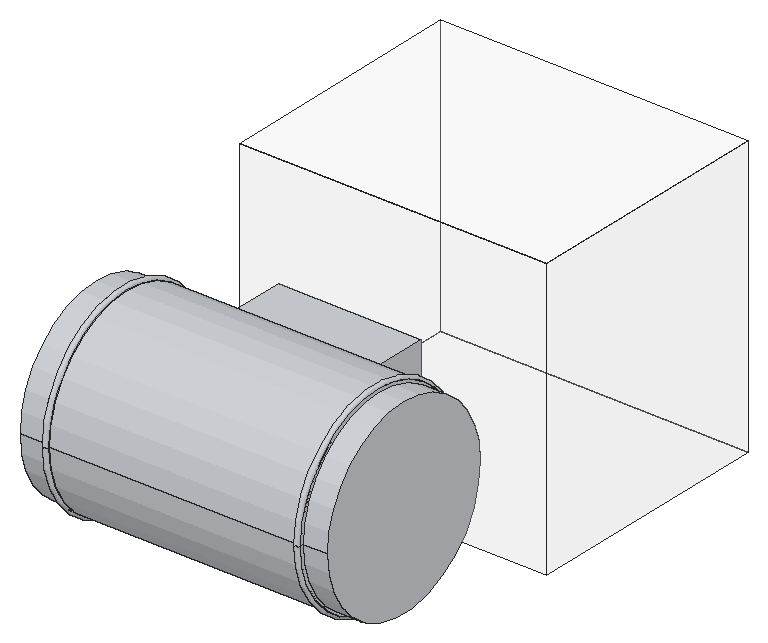
Revit family "SA_VAV", category ダクト付属品, Revit 2022
Family settings
  丸型コネクタ寸法 = 直径を使用
  パーツ タイプ = 割り込み
  OmniClass 番号 = 23.75.00.00
  OmniClass タイトル = Climate Control (HVAC)
  作業面ベース = いいえ
  常に垂直 = はい
  ロード時にボイドで切り取り = いいえ
  共有 = いいえ
Parameters (values of type "MW型")
  風量 [instance] = 0.0 L/s
  静圧 [instance] = 0.0 Pa
  Description = ""
  記号 [instance] = ""
  系統 = ""
  符号 = "可変風量ユニット"
  種別 = ""
  機器メーカー名 = "協立エアテック"
  既定の高さ = 0 mm
  接続部 [instance] = ダクト径 - 10 mm  # 340 mm
  形式 = "MW型"
  対象室 [instance] = ""
  呼称 = "VAV"
  メンテナンススペース [instance] = yes
  メンテ_W [instance] = ダクト径 * 2  # 700 mm
  メンテ_H [instance] = ダクト径  # 350 mm
  メンテ_D [instance] = ダクト径  # 350 mm
  ダクト径 [instance] = 350 mm
  VAV長さ [instance] = if(ダクト径 > 200 mm, 550 mm, 450 mm)  # 550 mm
  ダクト半径 [instance] = ダクト径 / 2  # 175 mm
  Type Comments = ""
  MIN風量 = 0.0 L/s
  MIN静圧 = 0.0 Pa
  MAX風量 = 0.0 L/s
  MAX静圧 = 0.0 Pa
  2D [instance] = yes
Reference planes
  plane 1 "中心(正面/背面)": y = 0
  plane 2: z = 0
  plane 3 "中心(左/右)": x = 0
  plane 4 "長_左": x = -275
  plane 5 "長-右": x = 275
  plane 6 "紐-右": x = 230
  plane 7: y = 175
  plane 8: y = 175
  plane 9: y = 175
  plane 10 "制御-あ": y = 175
  plane 11 "制御-い": y = 320
  plane 12 "制御-端": x = -205
  plane 13 "紐-左": x = -230
  plane 14: y = -106.315
Forms (mm)
  Revolve 1, solid
    sketch origin (0, 0, 0) x (1, 0, 0) y (0, 1, 0)
      loop
        line (-230, 175) -> (-230, 0) -> (230, 0) -> (230, 175) -> (-230, 175)
      axis (-230, 0) -> (230, 0)
    angle from 0 to 360
  Extrusion 2, solid
    sketch origin (-36.5, 45, 0) x (1, 0, 0) y (0, 1, 0)
      loop
        line (-168.5, 275) -> (-168.5, 130) -> (86.5, 130) -> (86.5, 275) -> (-168.5, 275)
    from -50 to 50
  Revolve 3, solid
    sketch origin (-340, 0, 0) x (1, 0, 0) y (0, 1, 0)
      loop
        arc (120, 175) -> (115, 180) -> (110, 175) r 5
        line (110, 175) -> (110, 0) -> (120, 0) -> (120, 175)
      axis (120, 0) -> (110, 0)
    angle from 0 to 360
  Revolve 4, solid
    sketch origin (-340, 0, 0) x (1, 0, 0) y (0, 1, 0)
      loop
        arc (570, 175) -> (565, 180) -> (560, 175) r 5
        line (560, 175) -> (560, 0) -> (570, 0) -> (570, 175)
      axis (570, 0) -> (560, 0)
    angle from 0 to 360
  Extrusion 5, solid
    sketch origin (0, 0, 0) x (0, 1, 0) y (0, 0, 1)
      loop
        circle (0, 0) r 170
    from 230 to 275
  Extrusion 6, solid
    sketch origin (0, 0, 0) x (0, 1, 0) y (0, 0, 1)
      loop
        circle (0, 0) r 170
    from -275 to -230
Lines and regions (mm)
  model lines, style "メンテナンススペース", visible <- "メンテナンススペース"
    curve 1: line (-275, 770, 0) -> (275, 320, 0)
    curve 2: line (275, 770, 0) -> (-275, 320, 0)
Dimensions and locks
  "ダクト半径": plane 1 "中心(正面/背面)" to plane 7
  "ダクト半径": plane 8 to plane 1 "中心(正面/背面)"
  "ダクト半径": plane 1 "中心(正面/背面)" to plane 9
  "ダクト半径": plane 1 "中心(正面/背面)" to plane 10 "制御-あ"
  locked: plane 11 "制御-い" to plane 10 "制御-あ" at 145
  locked: Extrusion 2 to Extrusion 2 at 255
  locked: Revolve 4 sketch curve to Revolve 4 sketch curve at 10
  locked: plane 6 "紐-右" to plane 5 "長-右" at 45
  locked: Revolve 3 sketch curve to Revolve 3 sketch curve at 10
  locked: plane 4 "長_左" to plane 12 "制御-端" at 70
  locked: plane 4 "長_左" to plane 13 "紐-左" at 45
  "ダクト径": plane 10 "制御-あ" to nested 2
  equal spacing: plane 10 "制御-あ", plane 1 "中心(正面/背面)", nested 2
  equal spacing: plane 13 "紐-左", plane 3 "中心(左/右)", plane 6 "紐-右"
  "VAV長さ": plane 4 "長_左" to plane 5 "長-右"
  "接続部": diameter of Extrusion 5 sketch curve
  "接続部": diameter of Extrusion 6 sketch curve
  aligned and locked: level to plane 2
  aligned and locked: Revolve 1 sketch curve to plane 7
  aligned and locked: Extrusion 2 to plane 10 "制御-あ"
  aligned and locked: plane 11 "制御-い" to Extrusion 2
  aligned and locked: Extrusion 2 to plane 12 "制御-端"
  aligned and locked: plane 6 "紐-右" to Revolve 4 sketch curve
  aligned and locked: plane 3 "中心(左/右)" to nested 1
  aligned and locked: nested 1 to plane 11 "制御-い"
  aligned and locked: nested 1 to curve 2
  aligned and locked: curve 2 to nested 1
  aligned and locked: nested 1 to curve 1  (x2)
  aligned and locked: plane 13 "紐-左" to Revolve 3 sketch curve
  aligned and locked: nested 2 to plane 13 "紐-左"
  aligned and locked: plane 6 "紐-右" to nested 2
  aligned and locked: nested 2 to plane 10 "制御-あ"
  aligned and locked: Revolve 1 to plane 6 "紐-右"
  aligned and locked: Extrusion 5 to plane 5 "長-右"
  aligned and locked: Extrusion 5 to plane 6 "紐-右"
  aligned and locked: plane 4 "長_左" to Extrusion 6
  aligned and locked: Extrusion 6 to plane 13 "紐-左"
Automatic sketch dimensions
  Extrusion 2 sketch curve to plane 3 "中心(左/右)" = 205 mm
  plane 3 "中心(左/右)" to Extrusion 2 sketch curve = 50 mm
  plane 10 "制御-あ" to Extrusion 2 sketch curve = 145 mm
  curve 1 to plane 5 "長-右" = 0 mm
  curve 2 to plane 11 "制御-い" = 0 mm
  plane 11 "制御-い" to curve 2 = 450 mm
  curve 1 to curve 2 = 0 mm
  Extrusion 2 sketch curve to plane 10 "制御-あ" = 0 mm
  Extrusion 5 sketch curve to level = 0 mm
  Extrusion 5 sketch curve to plane 1 "中心(正面/背面)" = 0 mm
  Revolve 1 sketch curve to plane 13 "紐-左" = 0 mm
  plane 1 "中心(正面/背面)" to Revolve 1 sketch curve = 0 mm  (x2)
  Revolve 1 sketch curve to plane 6 "紐-右" = 0 mm
  Revolve 1 sketch curve to plane 5 "長-右" = 0 mm
  Revolve 1 sketch curve to plane 3 "中心(左/右)" = 50 mm
  plane 1 "中心(正面/背面)" to Revolve 3 sketch curve = 0 mm  (x2)
  Revolve 3 sketch curve to plane 9 = 0 mm
  Revolve 3 sketch curve to Revolve 3 sketch curve = 1.321 mm
  plane 3 "中心(左/右)" to Revolve 3 sketch curve = 33.679 mm
  plane 1 "中心(正面/背面)" to Revolve 4 sketch curve = 0 mm  (x2)
  Revolve 4 sketch curve to plane 8 = 0 mm
  Revolve 4 sketch curve to plane 3 "中心(左/右)" = 26.321 mm
  Revolve 4 sketch curve to Revolve 4 sketch curve = 3.679 mm
  Extrusion 6 sketch curve to level = 0 mm
  Extrusion 6 sketch curve to plane 1 "中心(正面/背面)" = 0 mm
Nested families
  nested 1: "メンテナンススペース" at (0, 545, 0), visible <- "メンテナンススペース", type "サービススペース"
    with Width 550 mm, Depth 450 mm
  nested 2: "塗り潰し" at (0, 0, 0), type "塗り潰し"
    with W 460 mm, D 350 mm
  nested 3: "文字ファミリ_一般注釈" at (543.431, 313.007, 0), visible <- "2D", type "文字ファミリ_一般注釈"
Connectors
  hvac at (230, 0, 0), driven by "ダクト径", driven by "風量"
    settings: index 1, duct flow 0.0 L/s, flow factor 0, pres drop 0.0 Pa, loss coef 0, conn angle 0.00°, conn width 304.8 mm, conn height 304.8 mm, conn diameter 350 mm, duct sys type 29, conn prof type 0, flow config 0, flow direction 1, loss method 0, conn ref index 2, conn util no, is conn primary yes, conn desc ""
  hvac at (-230, 0, 0), driven by "ダクト径", driven by "風量"
    settings: index 2, duct flow 0.0 L/s, flow factor 0, pres drop 0.0 Pa, loss coef 0, conn angle 0.00°, conn width 304.8 mm, conn height 304.8 mm, conn diameter 350 mm, duct sys type 29, conn prof type 0, flow config 0, flow direction 2, loss method 0, conn ref index 1, conn util no, is conn primary no, conn desc ""
Definition of nested family "メンテナンススペース"
  Parameters (values of type "サービススペース")
    Default Elevation = 0 mm
    Width = 500 mm
    Height = 500 mm
    Depth = 500 mm
  Reference planes
    plane 1 "中心(正面/背面)": y = 0
    plane 2: z = 0
    plane 3 "中心(左/右)": x = 0
    plane 4: y = -250
    plane 5: x = 250
    plane 6: y = 250
    plane 7: x = -250
    plane 8: z = 250
    plane 9: z = -250
  Forms (mm)
    Extrusion 1, solid
      sketch origin (-638.939, 0, 72.39) x (1, 0, 0) y (0, 1, 0)
        loop
          line (388.939, 250) -> (388.939, -250) -> (888.939, -250) -> (888.939, 250) -> (388.939, 250)
      from -322.39 to 177.61
  Lines and regions (mm)
    symbolic lines
      curve 1: line (-250, 0, 250) -> (250, 0, 250)
      curve 2: line (-250, 0, -250) -> (-250, 0, 250)
      curve 3: line (250, 0, -250) -> (-250, 0, -250)
      curve 4: line (250, 0, 250) -> (250, 0, -250)
      curve 5: line (0, -250, 250) -> (0, 250, 250)
      curve 6: line (0, -250, -250) -> (0, -250, 250)
      curve 7: line (0, 250, -250) -> (0, -250, -250)
      curve 8: line (0, 250, 250) -> (0, 250, -250)
      curve 9: line (-250, 250, 0) -> (250, 250, 0)
      curve 10: line (-250, -250, 0) -> (-250, 250, 0)
      curve 11: line (250, -250, 0) -> (-250, -250, 0)
      curve 12: line (250, 250, 0) -> (250, -250, 0)
  Dimensions and locks
    equal spacing: plane 7, plane 3 "中心(左/右)", plane 5
    equal spacing: plane 4, plane 1 "中心(正面/背面)", plane 6
    "Depth": plane 4 to plane 6
    "Width": plane 7 to plane 5
    equal spacing: plane 8, plane 2, plane 9
    "Height": plane 8 to plane 9
    aligned and locked: plane 9 to curve 3
    aligned and locked: plane 7 to curve 2
    aligned and locked: curve 4 to plane 5
    aligned and locked: plane 5 to Extrusion 1
    aligned and locked: Extrusion 1 to plane 7
    aligned and locked: Extrusion 1 to plane 9
    aligned and locked: plane 8 to Extrusion 1
    aligned and locked: plane 9 to curve 7
  Automatic sketch dimensions
    plane 4 to Extrusion 1 sketch curve = 0 mm
    Extrusion 1 sketch curve to plane 7 = 0 mm
    Extrusion 1 sketch curve to plane 5 = 0 mm
    plane 6 to Extrusion 1 sketch curve = 0 mm
    curve 2 to plane 8 = 0 mm
    plane 4 to curve 11 = 0 mm
    curve 11 to plane 7 = 0 mm
    curve 11 to plane 5 = 0 mm
    plane 6 to curve 10 = 0 mm
    curve 7 to plane 4 = 0 mm
    curve 7 to plane 6 = 0 mm
    curve 6 to plane 8 = 0 mm
Definition of nested family "塗り潰し"
  Parameters (values of type "塗り潰し")
    W [instance] = 200 mm
    D [instance] = 200 mm
  Reference planes
    plane 1 "中心(正面/背面)": y = 0
    plane 2: z = 0
    plane 3 "中心(左/右)": x = 0
    plane 4: x = -100
    plane 5: x = 100
    plane 6: y = 100
    plane 7: y = -100
  Lines and regions (mm)
    Filled region 1, type "塗り潰し", in view "参照レベル"
      outline origin (0, 0, 0) x (1, 0, 0) y (0, 1, 0)
        loop
          line (100, -100) -> (100, 100) -> (-100, 0) -> (100, -100)
  Dimensions and locks
    equal spacing: plane 7, plane 1 "中心(正面/背面)", plane 6
    "D": plane 7 to plane 6
    equal spacing: plane 4, plane 3 "中心(左/右)", plane 5
    "W": plane 4 to plane 5
  Automatic sketch dimensions
    Filled region 1 sketch curve to plane 5 = 0 mm
    plane 7 to Filled region 1 sketch curve = 0 mm
    plane 1 "中心(正面/背面)" to Filled region 1 sketch curve = 0 mm
    plane 6 to Filled region 1 sketch curve = 0 mm
    Filled region 1 sketch curve to plane 4 = 0 mm
Definition of nested family "文字ファミリ_一般注釈"
  Parameters (values of type "文字ファミリ_一般注釈")
    文字 = ""
  Reference planes
    plane 1: y = 0
    plane 2: x = 0
  Text (mm)
    label "文字" at (-2.342, -0.04, 0), shows "文字"
